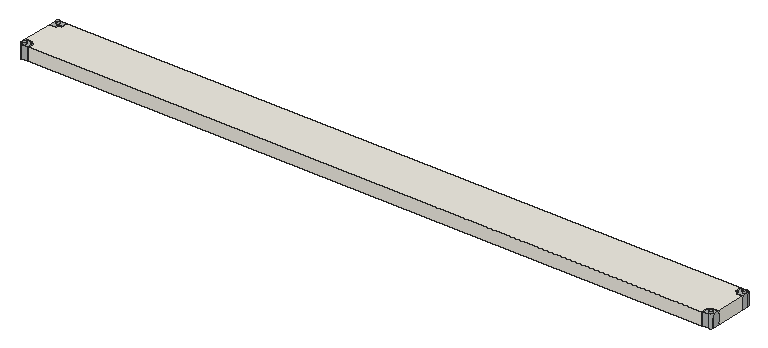
Revit family "HIGHTECH", category Осветительные приборы, Revit 2019 (continued)
Types (32, lengths in mm): name | Файл фотометрической сетки | built-in parameter 1150105 | Lumens | built-in parameter 1150106 | built-in parameter 1150142 | Wattage | Emit from Rectangle Width | Emit from Rectangle Length | Длина | Ширина | ADSK_Ток | ADSK_Полная мощность | ADSK_Обозначение | ADSK_Номинальная мощность | ADSK_Наименование | ADSK_Масса | ADSK_Код изделия
  Hightech-30/opal-sand 295х595 (IP40, 4000К, белый) c БАП на 3 часа | "Светильник HIGHTECH-30 OPAL-SAND-(295x595).IES" | 198.94 (stored number, unit not read) | 2500 lm | 1.9894 (stored number, unit not read) | "IESNA:LM-63-95\r\n[TEST] Протокол №80\r\n[DATA]26.06.2016\r\n[MORE] \r\n[MANUFAC] ЗАО \"Центрстройсвет\"\r\n[LUMCAT]  Светильник HIGHTECH-30/OPAL-SAND-(295x595)\r\n[LUMINAIRE]\r\n[LAMPCAT] Светодиоды\r\n[LAMP] Поток источника света (светодиодов) не известен\r\n[MORE] КСС приведена в абсолютных величинах кд\r\n[MORE] Вместо потока лампы, указан поток светильника.\r\nTILT=NONE\r\n1    2420 1.0 37 73 1 2 0.295 0.595 0.04\r\n1.0 1.0 28.9\r\n0.0 5.0 10.0 15.0 20.0 25.0 30.0 35.0 40.0 45.0 50.0 55.0 60.0 65.0 70.0 75.0 80.0 85.0 90.0 95.0 100.0 105.0 110.0 115.0 120.0 125.0 130.0 135.0 140.0 145.0 150.0 155.0 160.0 165.0 170.0 175.0 180.0\r\n0.0 5.0 10.0 15.0 20.0 25.0 30.0 35.0 40.0 45.0 50.0 55.0 60.0 65.0 70.0 75.0 80.0 85.0 90.0 95.0 100.0 105.0 110.0 115.0 120.0 125.0 130.0 135.0 140.0 145.0 150.0 155.0 160.0 165.0 170.0 175.0 180.0 185.0 190.0 195.0 200.0 205.0 210.0 215.0 220.0 225.0 230.0 235.0 240.0 245.0 250.0 255.0 260.0 265.0 270.0 275.0 280.0 285.0 290.0 295.0 300.0 305.0 310.0 315.0 320.0 325.0 330.0 335.0 340.0 345.0 350.0 355.0 360.0\r\n911.1 908.3 889.4 861.2 824.6 779.8 729.1 674.3 613.8 546.0 479.1 412.2 342.1 274.7 206.6 142.5 83.1 30.5 0.2 0.0 0.0 0.0 0.0 0.0 0.0 0.0 0.0 0.0 0.0 0.0 0.0 0.0 0.0 0.0 0.0 0.0 0.0\r\n911.1 908.3 890.4 862.2 826.0 781.2 730.0 673.5 610.8 545.9 478.1 412.0 343.0 274.6 207.5 142.8 83.4 31.1 0.3 0.0 0.0 0.0 0.0 0.0 0.0 0.0 0.0 0.0 0.0 0.0 0.0 0.0 0.0 0.0 0.0 0.0 0.0\r\n911.1 908.5 890.5 862.8 826.3 781.1 729.7 670.6 612.5 548.7 480.3 412.7 344.4 275.2 207.5 143.5 83.8 31.5 0.3 0.0 0.0 0.0 0.0 0.0 0.0 0.0 0.0 0.0 0.0 0.0 0.0 0.0 0.0 0.0 0.0 0.0 0.0\r\n911.1 909.2 889.7 860.5 825.1 782.3 731.0 672.5 613.1 547.3 478.2 411.8 342.9 275.2 208.3 143.7 83.9 31.8 0.3 0.0 0.0 0.0 0.0 0.0 0.0 0.0 0.0 0.0 0.0 0.0 0.0 0.0 0.0 0.0 0.0 0.0 0.0\r\n911.1 909.0 891.0 861.5 825.6 782.4 732.7 675.9 611.0 545.2 481.9 413.1 344.4 276.1 208.3 144.0 84.6 32.0 0.3 0.0 0.0 0.0 0.0 0.0 0.0 0.0 0.0 0.0 0.0 0.0 0.0 0.0 0.0 0.0 0.0 0.0 0.0\r\n911.1 908.9 890.1 863.3 826.9 783.2 729.2 673.9 611.8 547.8 480.9 414.1 343.8 275.8 208.6 144.4 85.0 32.4 0.3 0.0 0.0 0.0 0.0 0.0 0.0 0.0 0.0 0.0 0.0 0.0 0.0 0.0 0.0 0.0 0.0 0.0 0.0\r\n911.1 908.9 890.0 862.2 828.3 782.8 731.1 675.1 614.3 547.6 481.3 413.0 345.8 276.7 208.8 145.0 85.3 32.6 0.4 0.0 0.0 0.0 0.0 0.0 0.0 0.0 0.0 0.0 0.0 0.0 0.0 0.0 0.0 0.0 0.0 0.0 0.0\r\n911.1 908.5 891.5 865.2 825.7 780.8 732.5 674.6 615.0 551.3 482.1 414.1 345.1 277.4 208.6 145.5 85.5 33.2 0.5 0.0 0.0 0.0 0.0 0.0 0.0 0.0 0.0 0.0 0.0 0.0 0.0 0.0 0.0 0.0 0.0 0.0 0.0\r\n911.1 908.2 891.4 865.6 827.3 781.0 734.3 676.9 614.9 549.4 482.0 413.8 346.2 277.0 209.5 145.9 86.0 33.8 0.4 0.0 0.0 0.0 0.0 0.0 0.0 0.0 0.0 0.0 0.0 0.0 0.0 0.0 0.0 0.0 0.0 0.0 0.0\r\n911.1 908.7 891.0 864.3 829.6 784.0 732.9 673.2 614.9 550.2 484.5 414.8 346.4 277.8 210.5 146.4 87.2 33.9 0.6 0.0 0.0 0.0 0.0 0.0 0.0 0.0 0.0 0.0 0.0 0.0 0.0 0.0 0.0 0.0 0.0 0.0 0.0\r\n911.1 909.3 890.7 863.4 828.2 782.7 733.6 675.6 617.1 551.3 485.9 416.5 347.0 279.5 211.3 147.1 87.6 34.5 0.8 0.0 0.0 0.0 0.0 0.0 0.0 0.0 0.0 0.0 0.0 0.0 0.0 0.0 0.0 0.0 0.0 0.0 0.0\r\n911.1 908.7 892.5 864.0 829.2 784.2 733.3 676.9 615.6 551.9 484.7 416.9 348.3 279.6 211.6 148.3 88.1 35.0 0.9 0.0 0.0 0.0 0.0 0.0 0.0 0.0 0.0 0.0 0.0 0.0 0.0 0.0 0.0 0.0 0.0 0.0 0.0\r\n911.1 907.6 892.1 865.2 827.4 784.6 731.8 676.8 617.7 552.8 485.1 418.8 350.7 281.3 212.5 148.4 89.0 35.7 1.0 0.0 0.0 0.0 0.0 0.0 0.0 0.0 0.0 0.0 0.0 0.0 0.0 0.0 0.0 0.0 0.0 0.0 0.0\r\n911.1 907.1 892.1 864.5 830.2 788.3 733.6 677.4 617.3 552.0 487.9 420.8 349.8 281.3 213.4 149.2 89.9 36.2 1.3 0.0 0.0 0.0 0.0 0.0 0.0 0.0 0.0 0.0 0.0 0.0 0.0 0.0 0.0 0.0 0.0 0.0 0.0\r\n911.1 907.7 891.9 865.7 828.5 785.6 735.2 678.9 620.0 555.8 488.8 421.1 351.5 282.7 215.2 149.7 90.8 36.9 1.5 0.0 0.0 0.0 0.0 0.0 0.0 0.0 0.0 0.0 0.0 0.0 0.0 0.0 0.0 0.0 0.0 0.0 0.0\r\n911.1 907.8 891.0 864.8 830.1 786.1 738.7 679.4 616.5 556.6 490.6 420.2 352.4 284.5 215.4 151.3 91.1 37.6 1.5 0.0 0.0 0.0 0.0 0.0 0.0 0.0 0.0 0.0 0.0 0.0 0.0 0.0 0.0 0.0 0.0 0.0 0.0\r\n911.1 907.6 892.2 865.5 829.8 785.3 740.8 681.1 621.3 555.2 488.2 422.8 352.5 285.0 216.2 151.5 92.2 38.3 1.9 0.0 0.0 0.0 0.0 0.0 0.0 0.0 0.0 0.0 0.0 0.0 0.0 0.0 0.0 0.0 0.0 0.0 0.0\r\n911.1 907.4 892.1 866.1 829.8 787.6 737.3 681.4 621.4 556.0 491.1 422.7 354.9 284.7 217.1 152.4 93.0 39.4 2.0 0.0 0.0 0.0 0.0 0.0 0.0 0.0 0.0 0.0 0.0 0.0 0.0 0.0 0.0 0.0 0.0 0.0 0.0\r\n911.1 907.1 892.7 864.9 831.7 788.2 738.4 680.3 623.5 555.8 491.4 423.2 354.0 286.0 218.2 152.8 93.7 40.1 1.9 0.0 0.0 0.0 0.0 0.0 0.0 0.0 0.0 0.0 0.0 0.0 0.0 0.0 0.0 0.0 0.0 0.0 0.0\r\n911.1 907.4 892.3 867.6 830.6 789.2 737.9 683.1 622.5 558.1 492.5 424.4 355.9 287.7 219.1 154.3 94.7 40.4 2.5 0.0 0.0 0.0 0.0 0.0 0.0 0.0 0.0 0.0 0.0 0.0 0.0 0.0 0.0 0.0 0.0 0.0 0.0\r\n911.1 907.5 892.4 866.9 832.1 790.0 736.6 683.9 623.3 559.4 493.1 425.9 357.0 288.4 220.1 155.2 95.3 41.1 2.6 0.0 0.0 0.0 0.0 0.0 0.0 0.0 0.0 0.0 0.0 0.0 0.0 0.0 0.0 0.0 0.0 0.0 0.0\r\n911.1 906.9 893.0 866.2 832.9 789.5 740.6 686.4 622.6 558.9 494.6 425.2 357.7 289.6 220.8 156.1 95.8 41.9 2.6 0.0 0.0 0.0 0.0 0.0 0.0 0.0 0.0 0.0 0.0 0.0 0.0 0.0 0.0 0.0 0.0 0.0 0.0\r\n911.1 906.5 892.0 867.1 832.6 789.9 741.4 686.3 627.3 561.0 497.2 429.6 357.8 290.1 222.7 156.4 96.7 42.4 3.1 0.0 0.0 0.0 0.0 0.0 0.0 0.0 0.0 0.0 0.0 0.0 0.0 0.0 0.0 0.0 0.0 0.0 0.0\r\n911.1 906.8 892.3 868.3 834.8 789.8 739.1 686.9 625.0 562.3 496.2 428.6 359.5 290.7 222.5 158.0 97.5 42.6 3.4 0.0 0.0 0.0 0.0 0.0 0.0 0.0 0.0 0.0 0.0 0.0 0.0 0.0 0.0 0.0 0.0 0.0 0.0\r\n911.1 907.7 893.1 868.2 834.1 793.7 743.1 687.9 626.4 562.8 495.5 430.8 360.5 292.6 223.4 158.6 97.7 43.5 3.3 0.0 0.0 0.0 0.0 0.0 0.0 0.0 0.0 0.0 0.0 0.0 0.0 0.0 0.0 0.0 0.0 0.0 0.0\r\n911.1 908.2 893.8 868.2 835.6 793.6 743.3 688.3 626.0 564.5 498.1 431.2 361.0 293.4 224.3 158.9 98.6 44.0 3.5 0.0 0.0 0.0 0.0 0.0 0.0 0.0 0.0 0.0 0.0 0.0 0.0 0.0 0.0 0.0 0.0 0.0 0.0\r\n911.1 906.7 894.2 868.9 835.7 792.8 743.7 688.3 628.3 564.5 497.7 430.5 361.2 293.3 224.8 160.4 99.3 44.4 3.7 0.0 0.0 0.0 0.0 0.0 0.0 0.0 0.0 0.0 0.0 0.0 0.0 0.0 0.0 0.0 0.0 0.0 0.0\r\n911.1 906.5 894.7 867.9 834.7 795.0 744.2 689.6 630.1 566.4 499.6 431.8 363.0 294.1 225.6 160.8 100.0 45.1 3.6 0.0 0.0 0.0 0.0 0.0 0.0 0.0 0.0 0.0 0.0 0.0 0.0 0.0 0.0 0.0 0.0 0.0 0.0\r\n911.1 906.5 895.1 869.9 835.9 794.8 744.6 690.7 627.4 566.4 500.2 432.4 364.0 294.7 227.0 161.2 100.6 45.6 3.8 0.0 0.0 0.0 0.0 0.0 0.0 0.0 0.0 0.0 0.0 0.0 0.0 0.0 0.0 0.0 0.0 0.0 0.0\r\n911.1 906.1 895.4 869.1 835.9 794.7 746.0 689.6 630.7 566.6 499.6 432.7 363.1 295.7 227.9 161.9 100.9 46.3 4.0 0.0 0.0 0.0 0.0 0.0 0.0 0.0 0.0 0.0 0.0 0.0 0.0 0.0 0.0 0.0 0.0 0.0 0.0\r\n911.1 906.1 894.6 870.7 836.3 795.3 746.6 689.6 632.6 567.7 500.1 432.1 364.4 296.0 227.8 162.7 101.4 46.4 4.5 0.0 0.0 0.0 0.0 0.0 0.0 0.0 0.0 0.0 0.0 0.0 0.0 0.0 0.0 0.0 0.0 0.0 0.0\r\n911.1 906.3 895.6 868.8 835.5 793.2 745.3 690.7 630.8 568.5 500.6 433.3 364.7 295.8 227.5 162.6 101.3 46.8 4.6 0.0 0.0 0.0 0.0 0.0 0.0 0.0 0.0 0.0 0.0 0.0 0.0 0.0 0.0 0.0 0.0 0.0 0.0\r\n911.1 907.0 895.4 871.8 837.5 794.5 744.5 690.6 631.8 568.8 502.5 436.2 365.6 296.2 228.3 163.9 101.9 47.1 4.6 0.0 0.0 0.0 0.0 0.0 0.0 0.0 0.0 0.0 0.0 0.0 0.0 0.0 0.0 0.0 0.0 0.0 0.0\r\n911.1 907.6 895.4 871.8 839.2 796.0 747.1 690.6 629.6 567.5 501.4 434.5 365.7 297.2 228.8 163.4 102.4 47.5 4.6 0.0 0.0 0.0 0.0 0.0 0.0 0.0 0.0 0.0 0.0 0.0 0.0 0.0 0.0 0.0 0.0 0.0 0.0\r\n911.1 906.1 895.5 871.6 838.7 794.9 748.2 694.5 632.4 570.3 502.5 434.5 365.5 297.1 229.4 164.0 102.4 47.5 4.7 0.0 0.0 0.0 0.0 0.0 0.0 0.0 0.0 0.0 0.0 0.0 0.0 0.0 0.0 0.0 0.0 0.0 0.0\r\n911.1 904.8 895.9 869.8 836.7 797.2 747.1 691.9 633.4 569.5 503.4 435.1 366.2 298.1 229.3 163.6 102.3 47.2 4.3 0.0 0.0 0.0 0.0 0.0 0.0 0.0 0.0 0.0 0.0 0.0 0.0 0.0 0.0 0.0 0.0 0.0 0.0\r\n911.1 905.3 894.0 871.2 840.2 796.2 748.3 691.8 631.5 572.4 503.6 433.5 366.8 297.9 229.2 163.3 101.8 46.8 3.8 0.0 0.0 0.0 0.0 0.0 0.0 0.0 0.0 0.0 0.0 0.0 0.0 0.0 0.0 0.0 0.0 0.0 0.0\r\n911.1 906.0 894.9 870.9 837.1 795.0 745.7 693.0 630.8 569.0 503.7 436.4 366.4 297.7 229.8 163.4 101.8 46.5 3.4 0.0 0.0 0.0 0.0 0.0 0.0 0.0 0.0 0.0 0.0 0.0 0.0 0.0 0.0 0.0 0.0 0.0 0.0\r\n911.1 905.6 893.6 871.4 839.9 797.6 749.1 691.5 633.0 570.8 502.5 434.8 366.1 296.6 228.5 162.8 101.0 46.0 2.9 0.0 0.0 0.0 0.0 0.0 0.0 0.0 0.0 0.0 0.0 0.0 0.0 0.0 0.0 0.0 0.0 0.0 0.0\r\n911.1 905.5 894.6 871.9 838.0 794.6 747.0 692.0 634.0 569.3 502.9 435.5 366.8 296.4 228.8 163.2 101.1 46.1 2.8 0.0 0.0 0.0 0.0 0.0 0.0 0.0 0.0 0.0 0.0 0.0 0.0 0.0 0.0 0.0 0.0 0.0 0.0\r\n911.1 906.2 893.1 871.0 837.2 796.8 749.0 694.0 633.1 569.5 503.5 436.7 366.4 297.6 228.4 162.6 101.3 45.7 2.8 0.0 0.0 0.0 0.0 0.0 0.0 0.0 0.0 0.0 0.0 0.0 0.0 0.0 0.0 0.0 0.0 0.0 0.0\r\n911.1 905.4 893.6 869.9 837.0 796.8 747.6 692.4 634.5 568.4 503.4 433.2 365.8 296.2 227.1 162.3 100.7 45.6 2.7 0.0 0.0 0.0 0.0 0.0 0.0 0.0 0.0 0.0 0.0 0.0 0.0 0.0 0.0 0.0 0.0 0.0 0.0\r\n911.1 905.2 893.1 870.9 837.6 799.4 749.7 694.6 632.4 569.7 501.2 433.7 366.5 296.3 227.6 162.0 100.7 45.2 2.6 0.0 0.0 0.0 0.0 0.0 0.0 0.0 0.0 0.0 0.0 0.0 0.0 0.0 0.0 0.0 0.0 0.0 0.0\r\n911.1 905.6 892.8 867.9 836.3 795.3 747.6 693.8 632.3 568.8 503.5 433.9 364.4 295.4 227.4 162.1 100.2 45.0 2.6 0.0 0.0 0.0 0.0 0.0 0.0 0.0 0.0 0.0 0.0 0.0 0.0 0.0 0.0 0.0 0.0 0.0 0.0\r\n911.1 906.0 891.2 869.4 838.7 796.6 744.5 691.3 630.5 568.4 500.5 432.6 364.8 294.7 226.6 161.5 99.4 44.6 2.4 0.0 0.0 0.0 0.0 0.0 0.0 0.0 0.0 0.0 0.0 0.0 0.0 0.0 0.0 0.0 0.0 0.0 0.0\r\n911.1 906.3 892.3 868.8 836.4 794.7 746.4 690.6 628.4 567.4 501.0 433.5 364.4 294.7 226.3 161.5 99.1 44.1 2.3 0.0 0.0 0.0 0.0 0.0 0.0 0.0 0.0 0.0 0.0 0.0 0.0 0.0 0.0 0.0 0.0 0.0 0.0\r\n911.1 906.1 891.2 870.3 836.5 796.5 746.5 691.1 630.2 565.4 501.0 432.5 361.6 293.6 224.8 160.3 98.9 43.7 2.2 0.0 0.0 0.0 0.0 0.0 0.0 0.0 0.0 0.0 0.0 0.0 0.0 0.0 0.0 0.0 0.0 0.0 0.0\r\n911.1 906.7 892.3 869.5 834.4 794.2 744.3 688.5 631.3 567.2 500.0 431.6 362.1 292.6 224.4 159.4 98.3 43.1 2.1 0.0 0.0 0.0 0.0 0.0 0.0 0.0 0.0 0.0 0.0 0.0 0.0 0.0 0.0 0.0 0.0 0.0 0.0\r\n911.1 906.3 891.7 869.3 838.3 794.6 745.1 687.7 632.2 566.3 497.6 429.3 361.9 293.2 223.9 158.7 97.6 42.4 1.9 0.0 0.0 0.0 0.0 0.0 0.0 0.0 0.0 0.0 0.0 0.0 0.0 0.0 0.0 0.0 0.0 0.0 0.0\r\n911.1 906.6 891.2 870.7 835.8 791.7 742.2 688.7 628.2 564.3 497.8 429.8 361.0 291.5 223.5 157.7 97.3 42.0 1.8 0.0 0.0 0.0 0.0 0.0 0.0 0.0 0.0 0.0 0.0 0.0 0.0 0.0 0.0 0.0 0.0 0.0 0.0\r\n911.1 906.1 891.3 868.6 834.6 791.7 744.4 685.8 625.4 562.6 496.6 428.8 360.1 290.5 222.4 157.1 96.1 41.3 1.7 0.0 0.0 0.0 0.0 0.0 0.0 0.0 0.0 0.0 0.0 0.0 0.0 0.0 0.0 0.0 0.0 0.0 0.0\r\n911.1 905.2 892.6 868.1 835.0 791.5 742.2 686.7 625.4 563.1 497.3 427.9 358.4 290.7 221.2 155.8 95.6 40.8 1.5 0.0 0.0 0.0 0.0 0.0 0.0 0.0 0.0 0.0 0.0 0.0 0.0 0.0 0.0 0.0 0.0 0.0 0.0\r\n911.1 905.3 892.8 868.0 833.0 791.3 744.3 685.1 623.6 560.5 492.9 426.5 357.2 288.9 220.3 154.7 94.8 40.1 1.3 0.0 0.0 0.0 0.0 0.0 0.0 0.0 0.0 0.0 0.0 0.0 0.0 0.0 0.0 0.0 0.0 0.0 0.0\r\n911.1 906.6 890.8 868.3 833.0 790.4 741.1 685.4 624.1 560.7 492.9 424.1 356.4 288.9 219.7 154.0 93.5 39.4 1.2 0.0 0.0 0.0 0.0 0.0 0.0 0.0 0.0 0.0 0.0 0.0 0.0 0.0 0.0 0.0 0.0 0.0 0.0\r\n911.1 907.4 891.8 866.4 833.1 790.2 739.5 683.6 621.7 561.4 494.4 424.6 356.0 287.1 219.0 153.3 92.5 38.6 1.1 0.0 0.0 0.0 0.0 0.0 0.0 0.0 0.0 0.0 0.0 0.0 0.0 0.0 0.0 0.0 0.0 0.0 0.0\r\n911.1 907.0 891.7 867.9 832.2 788.0 736.3 683.3 623.7 556.4 492.1 424.3 353.3 286.6 217.1 152.4 91.9 37.8 0.8 0.0 0.0 0.0 0.0 0.0 0.0 0.0 0.0 0.0 0.0 0.0 0.0 0.0 0.0 0.0 0.0 0.0 0.0\r\n911.1 906.8 892.1 865.5 829.5 787.9 737.3 680.4 618.9 555.6 491.7 423.2 353.3 284.2 216.2 151.5 91.3 37.0 0.7 0.0 0.0 0.0 0.0 0.0 0.0 0.0 0.0 0.0 0.0 0.0 0.0 0.0 0.0 0.0 0.0 0.0 0.0\r\n911.1 906.0 890.4 864.7 830.5 788.2 737.8 682.0 618.5 554.8 489.2 421.0 352.5 282.8 214.0 149.9 90.1 36.6 0.6 0.0 0.0 0.0 0.0 0.0 0.0 0.0 0.0 0.0 0.0 0.0 0.0 0.0 0.0 0.0 0.0 0.0 0.0\r\n911.1 905.1 891.5 865.2 828.0 784.8 738.1 677.5 619.3 553.0 488.5 419.0 350.1 282.1 214.0 149.5 89.3 35.6 0.4 0.0 0.0 0.0 0.0 0.0 0.0 0.0 0.0 0.0 0.0 0.0 0.0 0.0 0.0 0.0 0.0 0.0 0.0\r\n911.1 906.0 891.6 863.4 826.4 784.8 735.2 679.4 616.1 553.3 487.5 418.1 349.5 281.2 213.4 148.4 88.5 34.8 0.3 0.0 0.0 0.0 0.0 0.0 0.0 0.0 0.0 0.0 0.0 0.0 0.0 0.0 0.0 0.0 0.0 0.0 0.0\r\n911.1 906.8 890.4 864.5 828.0 784.0 735.1 678.8 616.8 551.9 484.6 417.7 349.7 279.3 211.1 147.6 87.7 34.2 0.3 0.0 0.0 0.0 0.0 0.0 0.0 0.0 0.0 0.0 0.0 0.0 0.0 0.0 0.0 0.0 0.0 0.0 0.0\r\n911.1 907.5 888.8 862.0 826.9 780.2 732.3 675.0 614.9 551.2 485.3 416.4 346.6 278.8 211.6 146.2 86.7 33.6 0.2 0.0 0.0 0.0 0.0 0.0 0.0 0.0 0.0 0.0 0.0 0.0 0.0 0.0 0.0 0.0 0.0 0.0 0.0\r\n911.1 907.5 889.7 863.2 826.6 785.1 732.2 672.0 614.2 551.3 484.5 416.7 346.2 277.6 210.1 145.9 85.8 32.8 0.2 0.0 0.0 0.0 0.0 0.0 0.0 0.0 0.0 0.0 0.0 0.0 0.0 0.0 0.0 0.0 0.0 0.0 0.0\r\n911.1 907.3 890.1 863.9 825.1 780.0 730.7 678.4 612.1 549.9 481.9 414.5 344.9 276.9 209.3 145.1 85.2 32.3 0.1 0.0 0.0 0.0 0.0 0.0 0.0 0.0 0.0 0.0 0.0 0.0 0.0 0.0 0.0 0.0 0.0 0.0 0.0\r\n911.1 908.5 889.1 862.4 825.5 781.7 731.2 672.6 612.0 547.6 482.4 413.8 345.8 275.4 208.5 144.0 84.8 31.6 0.1 0.0 0.0 0.0 0.0 0.0 0.0 0.0 0.0 0.0 0.0 0.0 0.0 0.0 0.0 0.0 0.0 0.0 0.0\r\n911.1 908.0 889.3 861.7 824.9 780.9 731.0 672.8 611.9 545.5 481.0 411.8 343.3 274.8 207.7 143.4 84.0 31.2 0.1 0.0 0.0 0.0 0.0 0.0 0.0 0.0 0.0 0.0 0.0 0.0 0.0 0.0 0.0 0.0 0.0 0.0 0.0\r\n911.1 906.5 887.9 861.2 824.2 781.5 729.8 672.2 609.7 547.2 479.7 411.1 343.5 274.5 206.8 143.2 83.6 30.7 0.1 0.0 0.0 0.0 0.0 0.0 0.0 0.0 0.0 0.0 0.0 0.0 0.0 0.0 0.0 0.0 0.0 0.0 0.0\r\n911.1 906.8 888.0 859.9 826.4 781.3 727.9 671.1 610.9 546.9 478.6 411.5 342.5 274.4 207.1 142.8 83.0 30.3 0.1 0.0 0.0 0.0 0.0 0.0 0.0 0.0 0.0 0.0 0.0 0.0 0.0 0.0 0.0 0.0 0.0 0.0 0.0\r\n911.1 907.2 889.6 859.4 824.1 778.8 730.0 672.0 610.3 544.9 478.2 410.6 341.6 274.5 206.3 141.9 82.8 30.0 0.1 0.0 0.0 0.0 0.0 0.0 0.0 0.0 0.0 0.0 0.0 0.0 0.0 0.0 0.0 0.0 0.0 0.0 0.0\r\n911.1 908.0 888.9 861.7 823.7 778.6 726.6 673.0 609.3 546.3 478.0 409.7 341.7 273.2 206.1 141.7 82.2 29.9 0.0 0.0 0.0 0.0 0.0 0.0 0.0 0.0 0.0 0.0 0.0 0.0 0.0 0.0 0.0 0.0 0.0 0.0 0.0\r\n911.1 908.5 889.0 862.2 823.5 778.2 729.5 669.6 608.8 545.8 478.2 411.0 340.7 272.7 206.2 142.0 82.2 29.8 0.1 0.0 0.0 0.0 0.0 0.0 0.0 0.0 0.0 0.0 0.0 0.0 0.0 0.0 0.0 0.0 0.0 0.0 0.0\r\n911.1 908.3 889.7 863.3 826.0 781.1 728.4 671.9 608.5 545.7 478.5 410.8 342.7 273.4 205.7 141.8 82.4 30.1 0.2 0.0 0.0 0.0 0.0 0.0 0.0 0.0 0.0 0.0 0.0 0.0 0.0 0.0 0.0 0.0 0.0 0.0 0.0\r\n911.1 908.3 889.4 861.2 824.6 779.8 729.1 674.3 613.8 546.0 479.1 412.2 342.1 274.7 206.6 142.5 83.1 30.5 0.2 0.0 0.0 0.0 0.0 0.0 0.0 0.0 0.0 0.0 0.0 0.0 0.0 0.0 0.0 0.0 0.0 0.0 0.0\r\n" | 16.8303 W | 255 | 555 | 595 | 295 | 0.141777 A | 32.6087 VA | "Hightech-30/opal-sand 295х595 (IP40, 4000К, белый)" | 30 W | "Универсальный светодиодный светильник Hightech-30/opal-sand 295х595 (IP40, 4000К, белый) c БАП на 3 час" | 1.4 | "ЦБ000007581"
